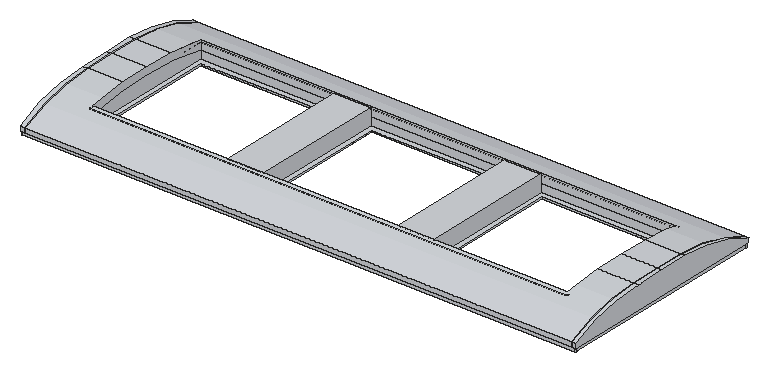
Revit family "Gira_0213773", category Electrical Fixtures, host Face, Revit 2017
Family settings
  Host = Face
  Maintain Annotation Orientation = No
  Round Connector Dimension = Use Diameter
  Part Type = Normal
  Cut with Voids When Loaded = No
  Shared = No
  Room Calculation Point = No
Parameters (values of type "Cov.fr. 3-g interm.fr. PW Gira Event Clear sand")
  With mounting grid = "No"
  With hinged lid = "No"
  URL = "http://katalog.gira.de/en/datenblatt.html?artikelnr=0213773"
  Type of fastening = "Clamp mounting"
  Transparent = "No"
  Surface protection = "Other"
  Surface finishing = "Glossy"
  Suitable for wall duct = "No"
  Suitable for flush-mounted installation = "Yes"
  Suitable for floor box = "No"
  Suitable for built-in installation = "No"
  Number of units vertical = "3"
  Number of units horizontal = "3"
  Number of units = "3"
  Name = "Cov.fr. 3-g interm.fr. PW Gira Event Clear sand"
  Mounting direction = "Horizontal and vertical"
  Material quality = "Thermoplastic"
  Material = "Plastic"
  Manufacturer URL = "https://www.gira.de/"
  Manufacturer = "Gira"
  Label space/information surface = "No"
  Keynote = ""
  HeinzeBIM = "https://bimportal.heinze.de/bim/cov-fr-3-g-interm-fr-pw-gira-event-clear-sand/c125be8392a4135ecfbb1dbdb3632fc911e845c1"
  Halogen free = "Yes"
  HAN = "0213773"
  GTIN = "4010337069560"
  Description = "Cov.fr.3g i.fr.PW EvCl SD,Gira Event Clear cover frame,sand with pure white glossy intermediate frame,3-gang,Features:,- Shatter-proof."
  Degree of protection (IP) = "IP20"
  Default Elevation = 1219.2 mm
  Data sheet (1) = "https://katalog.gira.de/en/download.html?artikelnr=0213773"
  Colour = "Other"
  Category = "Cover frame for domestic switching devices"
  BIM (1) = "https://media.stage.bim.site/public/gira/36a6b08/Event_Rahmen_3fach.rfa"
  Available = "No"
Reference planes
  plane 1 "Center (Front/Back)": y = 0
  plane 2: z = 0
  plane 3 "Center (Left/Right)": x = 0
Forms (mm)
  Extrusion 1, solid, detail levels fine
    sketch origin (0, 0, 0.05) x (0, 1, 0) y (0, 0, 1)
      loop
        arc (12.445, 9.683) -> (6.223, 9.833) -> (0, 9.85) r 291.636
        arc (0, 9.85) -> (-6.223, 9.833) -> (-12.445, 9.683) r 291.636
        arc (-12.445, 9.683) -> (-29.14, 7.482) -> (-45, 1.823) r 79.728
        line (-45, 1.823) -> (-45, -0.05) -> (-42.086, -0.05)
        arc (-42.086, -0.05) -> (-21.385, 5.559) -> (0, 7.206) r 114.424
        arc (0, 7.206) -> (21.385, 5.559) -> (42.086, -0.05) r 114.424
        line (42.086, -0.05) -> (45, -0.05) -> (45, 1.823)
        arc (45, 1.823) -> (29.14, 7.482) -> (12.445, 9.683) r 79.728
    from -114.3 to 114.3
  Extrusion 2, void, detail levels fine
    sketch origin (0, 0, 0) x (1, 0, 0) y (0, 1, 0)
      loop
        line (-99.355, -28.053) -> (99.355, -28.053) -> (99.355, 28.053) -> (-99.355, 28.053) -> (-99.355, -28.053)
    from 0.724 to 11
  Extrusion 3, solid, detail levels coarse
    sketch origin (0, 0, 0) x (1, 0, 0) y (0, 1, 0)
      loop
        line (-116.3, 45) -> (-116.3, -45) -> (116.3, -45) -> (116.3, 45) -> (-116.3, 45)
    from -1.5 to 9.9
  Extrusion 4, solid, detail levels medium
    sketch origin (0, 0, 0.05) x (0, 1, 0) y (0, 0, 1)
      loop
        arc (12.445, 9.683) -> (6.223, 9.833) -> (0, 9.85) r 291.636
        arc (0, 9.85) -> (-6.223, 9.833) -> (-12.445, 9.683) r 291.636
        arc (-12.445, 9.683) -> (-29.14, 7.482) -> (-45, 1.823) r 79.728
        line (-45, 1.823) -> (-45, -0.05) -> (45, -0.05) -> (45, 1.823)
        arc (45, 1.823) -> (29.14, 7.482) -> (12.445, 9.683) r 79.728
    from -116.3 to 116.3
  Extrusion 5, solid, detail levels fine
    sketch origin (-71.3, 0, -1.5) x (0, 1, 0) y (0, 0, -1)
      loop
        line (45, -3.373) -> (45, -1.5) -> (-45, -1.5) -> (-45, -3.373)
        arc (-45, -3.373) -> (-29.14, -9.032) -> (-12.445, -11.233) r 79.728
        arc (-12.445, -11.233) -> (-6.223, -11.383) -> (0, -11.4) r 291.636
        arc (0, -11.4) -> (6.223, -11.383) -> (12.445, -11.233) r 291.636
        arc (12.445, -11.233) -> (29.14, -9.032) -> (45, -3.373) r 79.728
    from 43 to 45
  Extrusion 6, solid, detail levels fine
    sketch origin (0, 0, 0) x (1, 0, 0) y (0, 1, 0)
      loop
        line (-97.195, 25.7) -> (-97.195, -25.7) -> (-45.395, -25.7) -> (-45.395, 25.7) -> (-97.195, 25.7)
      loop
        line (25.9, -25.7) -> (25.9, 25.7) -> (-25.9, 25.7) -> (-25.9, -25.7) -> (25.9, -25.7)
      loop
        line (-100.19, 28.49) -> (-100.19, -28.495)
        spline (-100.19, -28.495) -> (-100.181, -28.625) -> (-100.156, -28.754) -> (-100.113, -28.878) -> (-100.056, -28.995) -> (-99.983, -29.104) -> (-99.897, -29.202) -> (-99.798, -29.288) -> (-99.69, -29.361) -> (-99.572, -29.419) -> (-99.448, -29.461) -> (-99.32, -29.486) -> (-99.19, -29.495)
        line (-99.19, -29.495) -> (99.195, -29.495)
        spline (99.195, -29.495) -> (99.325, -29.486) -> (99.454, -29.461) -> (99.578, -29.419) -> (99.695, -29.361) -> (99.804, -29.288) -> (99.902, -29.202) -> (99.988, -29.104) -> (100.061, -28.995) -> (100.119, -28.878) -> (100.161, -28.754) -> (100.186, -28.625) -> (100.195, -28.495)
        line (100.195, -28.495) -> (100.195, 28.49)
        spline (100.195, 28.49) -> (100.186, 28.62) -> (100.161, 28.748) -> (100.119, 28.872) -> (100.061, 28.99) -> (99.988, 29.098) -> (99.902, 29.197) -> (99.804, 29.283) -> (99.695, 29.356) -> (99.578, 29.413) -> (99.454, 29.456) -> (99.325, 29.481) -> (99.195, 29.49)
        line (99.195, 29.49) -> (-99.19, 29.49)
        spline (-99.19, 29.49) -> (-99.32, 29.481) -> (-99.448, 29.456) -> (-99.572, 29.413) -> (-99.69, 29.356) -> (-99.798, 29.283) -> (-99.897, 29.197) -> (-99.983, 29.098) -> (-100.056, 28.99) -> (-100.113, 28.872) -> (-100.156, 28.748) -> (-100.181, 28.62) -> (-100.19, 28.49)
      loop
        line (97.2, -25.7) -> (97.2, 25.7) -> (45.4, 25.7) -> (45.4, -25.7) -> (97.2, -25.7)
    from 0.1 to 7.3
  Extrusion 7, solid
    sketch origin (0, 0, 0) x (1, 0, 0) y (0, 1, 0)
      loop
        arc (-116, -44.2) -> (-115.854, -44.554) -> (-115.5, -44.7) r 0.5
        line (-115.5, -44.7) -> (115.5, -44.7)
        arc (115.5, -44.7) -> (115.854, -44.554) -> (116, -44.2) r 0.5
        line (116, -44.2) -> (116, 44.2)
        arc (116, 44.2) -> (115.854, 44.554) -> (115.5, 44.7) r 0.5
        line (115.5, 44.7) -> (-115.5, 44.7)
        arc (-115.5, 44.7) -> (-115.854, 44.554) -> (-116, 44.2) r 0.5
        line (-116, 44.2) -> (-116, -44.2)
      loop
        line (-114.3, 43) -> (-114.3, -43) -> (114.3, -43) -> (114.3, 43) -> (-114.3, 43)
    from -1.5 to 0.5
  Extrusion 8, solid, detail levels fine
    sketch origin (71.3, 0, -1.5) x (0, 1, 0) y (0, 0, 1)
      loop
        arc (45, 3.373) -> (29.14, 9.032) -> (12.445, 11.233) r 79.728
        arc (12.445, 11.233) -> (6.223, 11.383) -> (0, 11.4) r 291.636
        arc (0, 11.4) -> (-6.223, 11.383) -> (-12.445, 11.233) r 291.636
        arc (-12.445, 11.233) -> (-29.14, 9.032) -> (-45, 3.373) r 79.728
        line (-45, 3.373) -> (-45, 1.5) -> (45, 1.5) -> (45, 3.373)
    from 43 to 45
  Extrusion 9, solid, detail levels medium
    sketch origin (0, 0, 0) x (1, 0, 0) y (0, 1, 0)
      loop
        line (-116, -44.7) -> (116, -44.7) -> (116, 44.7) -> (-116, 44.7) -> (-116, -44.7)
    from -1.5 to 0.5
  Extrusion 10, solid, detail levels fine
    sketch origin (-34.207, 0, 0) x (1, 0, 0) y (0, 1, 0)
      loop
        line (-8.943, 28.063) -> (-8.943, -27.937) -> (6.057, -27.937) -> (6.057, 28.063) -> (-8.943, 28.063)
    from 0.724 to 7.566
  Extrusion 11, solid, detail levels fine
    sketch origin (34.207, 0, 0) x (-1, 0, 0) y (0, -1, 0)
      loop
        line (-8.943, -28.063) -> (6.057, -28.063) -> (6.057, 27.937) -> (-8.943, 27.937) -> (-8.943, -28.063)
    from 0.724 to 7.566
Cuts and joins
  Extrusion 2 cuts Extrusion 1
  Extrusion 2 cuts Extrusion 6
Dimensions and locks
  aligned and locked: plane 2 to host face
  aligned and locked: level to host face
